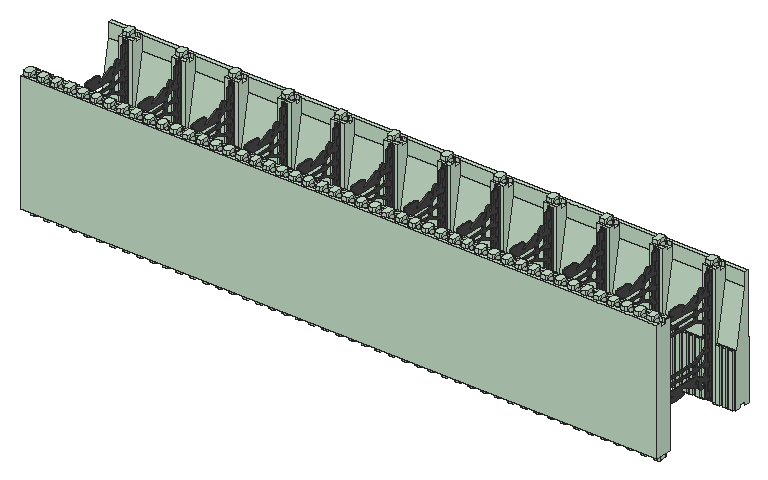
Revit family (continued)
Forms (mm)
  Extrusion 114, void
    sketch origin (2184.4, 0.015, 0) x (1, 0, 0) y (0, 1, 0)
      loop
        arc (25.4, 101.014) -> (26.615, 97.278) -> (29.796, 94.972) r 6.35
        arc (29.796, 94.972) -> (36.091, 93.737) -> (42.5, 94.024) r 26.988
        arc (42.5, 94.024) -> (43.786, 93.668) -> (44.346, 92.457) r 1.587
        line (44.346, 92.457) -> (44.346, 86.829) -> (48.685, 86.829) -> (48.685, 95.62)
        arc (48.685, 95.62) -> (48.795, 96.199) -> (49.108, 96.698) r 1.588
        arc (49.108, 96.698) -> (50.362, 98.696) -> (50.8, 101.014) r 6.35
        line (50.8, 101.014) -> (50.8, 124.411)
        arc (50.8, 124.411) -> (49.585, 128.147) -> (46.404, 130.453) r 6.35
        arc (46.404, 130.453) -> (38.1, 131.763) -> (29.796, 130.453) r 26.987
        arc (29.796, 130.453) -> (26.615, 128.147) -> (25.4, 124.411) r 6.35
    from 0 to 12.7
  Extrusion 115, void
    sketch origin (2133.6, 0.015, 0) x (1, 0, 0) y (0, 1, 0)
      loop
        line (25.4, 124.411) -> (25.4, 101.014)
        arc (25.4, 101.014) -> (26.615, 97.278) -> (29.796, 94.972) r 6.35
        arc (29.796, 94.972) -> (36.091, 93.737) -> (42.5, 94.024) r 26.988
        arc (42.5, 94.024) -> (43.786, 93.668) -> (44.346, 92.457) r 1.587
        line (44.346, 92.457) -> (44.346, 86.829) -> (48.685, 86.829) -> (48.685, 95.62)
        arc (48.685, 95.62) -> (48.795, 96.199) -> (49.108, 96.698) r 1.588
        arc (49.108, 96.698) -> (50.362, 98.696) -> (50.8, 101.014) r 6.35
        line (50.8, 101.014) -> (50.8, 124.411)
        arc (50.8, 124.411) -> (49.585, 128.147) -> (46.404, 130.453) r 6.35
        arc (46.404, 130.453) -> (38.1, 131.763) -> (29.796, 130.453) r 26.987
        arc (29.796, 130.453) -> (26.615, 128.147) -> (25.4, 124.411) r 6.35
    from 0 to 12.7
  Extrusion 116, void
    sketch origin (2082.8, 0.015, 0) x (1, 0, 0) y (0, 1, 0)
      loop
        line (25.4, 124.411) -> (25.4, 101.014)
        arc (25.4, 101.014) -> (26.615, 97.278) -> (29.796, 94.972) r 6.35
        arc (29.796, 94.972) -> (36.091, 93.737) -> (42.5, 94.024) r 26.988
        arc (42.5, 94.024) -> (43.786, 93.668) -> (44.346, 92.457) r 1.587
        line (44.346, 92.457) -> (44.346, 86.829) -> (48.685, 86.829) -> (48.685, 95.62)
        arc (48.685, 95.62) -> (48.795, 96.199) -> (49.108, 96.698) r 1.588
        arc (49.108, 96.698) -> (50.362, 98.696) -> (50.8, 101.014) r 6.35
        line (50.8, 101.014) -> (50.8, 124.411)
        arc (50.8, 124.411) -> (49.585, 128.147) -> (46.404, 130.453) r 6.35
        arc (46.404, 130.453) -> (38.1, 131.763) -> (29.796, 130.453) r 26.987
        arc (29.796, 130.453) -> (26.615, 128.147) -> (25.4, 124.411) r 6.35
    from 0 to 12.7
  Extrusion 117, void
    sketch origin (2032, 0.015, 0) x (1, 0, 0) y (0, 1, 0)
      loop
        line (25.4, 124.411) -> (25.4, 101.014)
        arc (25.4, 101.014) -> (26.615, 97.278) -> (29.796, 94.972) r 6.35
        arc (29.796, 94.972) -> (36.091, 93.737) -> (42.5, 94.024) r 26.988
        arc (42.5, 94.024) -> (43.786, 93.668) -> (44.346, 92.457) r 1.587
        line (44.346, 92.457) -> (44.346, 86.829) -> (48.685, 86.829) -> (48.685, 95.62)
        arc (48.685, 95.62) -> (48.795, 96.199) -> (49.108, 96.698) r 1.588
        arc (49.108, 96.698) -> (50.362, 98.696) -> (50.8, 101.014) r 6.35
        line (50.8, 101.014) -> (50.8, 124.411)
        arc (50.8, 124.411) -> (49.585, 128.147) -> (46.404, 130.453) r 6.35
        arc (46.404, 130.453) -> (38.1, 131.763) -> (29.796, 130.453) r 26.987
        arc (29.796, 130.453) -> (26.615, 128.147) -> (25.4, 124.411) r 6.35
    from 0 to 12.7
  Extrusion 118, void
    sketch origin (1981.2, 0.015, 0) x (1, 0, 0) y (0, 1, 0)
      loop
        line (25.4, 124.411) -> (25.4, 101.014)
        arc (25.4, 101.014) -> (26.615, 97.278) -> (29.796, 94.972) r 6.35
        arc (29.796, 94.972) -> (36.091, 93.737) -> (42.5, 94.024) r 26.988
        arc (42.5, 94.024) -> (43.786, 93.668) -> (44.346, 92.457) r 1.587
        line (44.346, 92.457) -> (44.346, 86.829) -> (48.685, 86.829) -> (48.685, 95.62)
        arc (48.685, 95.62) -> (48.795, 96.199) -> (49.108, 96.698) r 1.588
        arc (49.108, 96.698) -> (50.362, 98.696) -> (50.8, 101.014) r 6.35
        line (50.8, 101.014) -> (50.8, 124.411)
        arc (50.8, 124.411) -> (49.585, 128.147) -> (46.404, 130.453) r 6.35
        arc (46.404, 130.453) -> (38.1, 131.763) -> (29.796, 130.453) r 26.987
        arc (29.796, 130.453) -> (26.615, 128.147) -> (25.4, 124.411) r 6.35
    from 0 to 12.7
  Extrusion 119, void
    sketch origin (1930.4, 0.015, 0) x (1, 0, 0) y (0, 1, 0)
      loop
        line (25.4, 124.411) -> (25.4, 101.014)
        arc (25.4, 101.014) -> (26.615, 97.278) -> (29.796, 94.972) r 6.35
        arc (29.796, 94.972) -> (36.091, 93.737) -> (42.5, 94.024) r 26.988
        arc (42.5, 94.024) -> (43.786, 93.668) -> (44.346, 92.457) r 1.587
        line (44.346, 92.457) -> (44.346, 86.829) -> (48.685, 86.829) -> (48.685, 95.62)
        arc (48.685, 95.62) -> (48.795, 96.199) -> (49.108, 96.698) r 1.588
        arc (49.108, 96.698) -> (50.362, 98.696) -> (50.8, 101.014) r 6.35
        line (50.8, 101.014) -> (50.8, 124.411)
        arc (50.8, 124.411) -> (49.585, 128.147) -> (46.404, 130.453) r 6.35
        arc (46.404, 130.453) -> (38.1, 131.763) -> (29.796, 130.453) r 26.987
        arc (29.796, 130.453) -> (26.615, 128.147) -> (25.4, 124.411) r 6.35
    from 0 to 12.7
  Extrusion 120, void
    sketch origin (1879.6, 0.015, 0) x (1, 0, 0) y (0, 1, 0)
      loop
        line (25.4, 124.411) -> (25.4, 101.014)
        arc (25.4, 101.014) -> (26.615, 97.278) -> (29.796, 94.972) r 6.35
        arc (29.796, 94.972) -> (36.091, 93.737) -> (42.5, 94.024) r 26.988
        arc (42.5, 94.024) -> (43.786, 93.668) -> (44.346, 92.457) r 1.587
        line (44.346, 92.457) -> (44.346, 86.829) -> (48.685, 86.829) -> (48.685, 95.62)
        arc (48.685, 95.62) -> (48.795, 96.199) -> (49.108, 96.698) r 1.588
        arc (49.108, 96.698) -> (50.362, 98.696) -> (50.8, 101.014) r 6.35
        line (50.8, 101.014) -> (50.8, 124.411)
        arc (50.8, 124.411) -> (49.585, 128.147) -> (46.404, 130.453) r 6.35
        arc (46.404, 130.453) -> (38.1, 131.763) -> (29.796, 130.453) r 26.987
        arc (29.796, 130.453) -> (26.615, 128.147) -> (25.4, 124.411) r 6.35
    from 0 to 12.7
  Extrusion 121, void
    sketch origin (1828.8, 0.015, 0) x (1, 0, 0) y (0, 1, 0)
      loop
        line (25.4, 124.411) -> (25.4, 101.014)
        arc (25.4, 101.014) -> (26.615, 97.278) -> (29.796, 94.972) r 6.35
        arc (29.796, 94.972) -> (36.091, 93.737) -> (42.5, 94.024) r 26.988
        arc (42.5, 94.024) -> (43.786, 93.668) -> (44.346, 92.457) r 1.587
        line (44.346, 92.457) -> (44.346, 86.829) -> (48.685, 86.829) -> (48.685, 95.62)
        arc (48.685, 95.62) -> (48.795, 96.199) -> (49.108, 96.698) r 1.588
        arc (49.108, 96.698) -> (50.362, 98.696) -> (50.8, 101.014) r 6.35
        line (50.8, 101.014) -> (50.8, 124.411)
        arc (50.8, 124.411) -> (49.585, 128.147) -> (46.404, 130.453) r 6.35
        arc (46.404, 130.453) -> (38.1, 131.763) -> (29.796, 130.453) r 26.987
        arc (29.796, 130.453) -> (26.615, 128.147) -> (25.4, 124.411) r 6.35
    from 0 to 12.7
  Extrusion 122, void
    sketch origin (1778, 0.015, 0) x (1, 0, 0) y (0, 1, 0)
      loop
        line (25.4, 124.411) -> (25.4, 101.014)
        arc (25.4, 101.014) -> (26.615, 97.278) -> (29.796, 94.972) r 6.35
        arc (29.796, 94.972) -> (36.091, 93.737) -> (42.5, 94.024) r 26.988
        arc (42.5, 94.024) -> (43.786, 93.668) -> (44.346, 92.457) r 1.587
        line (44.346, 92.457) -> (44.346, 86.829) -> (48.685, 86.829) -> (48.685, 95.62)
        arc (48.685, 95.62) -> (48.795, 96.199) -> (49.108, 96.698) r 1.588
        arc (49.108, 96.698) -> (50.362, 98.696) -> (50.8, 101.014) r 6.35
        line (50.8, 101.014) -> (50.8, 124.411)
        arc (50.8, 124.411) -> (49.585, 128.147) -> (46.404, 130.453) r 6.35
        arc (46.404, 130.453) -> (38.1, 131.763) -> (29.796, 130.453) r 26.987
        arc (29.796, 130.453) -> (26.615, 128.147) -> (25.4, 124.411) r 6.35
    from 0 to 12.7
  Extrusion 123, void
    sketch origin (1727.2, 0.015, 0) x (1, 0, 0) y (0, 1, 0)
      loop
        line (25.4, 124.411) -> (25.4, 101.014)
        arc (25.4, 101.014) -> (26.615, 97.278) -> (29.796, 94.972) r 6.35
        arc (29.796, 94.972) -> (36.091, 93.737) -> (42.5, 94.024) r 26.988
        arc (42.5, 94.024) -> (43.786, 93.668) -> (44.346, 92.457) r 1.587
        line (44.346, 92.457) -> (44.346, 86.829) -> (48.685, 86.829) -> (48.685, 95.62)
        arc (48.685, 95.62) -> (48.795, 96.199) -> (49.108, 96.698) r 1.588
        arc (49.108, 96.698) -> (50.362, 98.696) -> (50.8, 101.014) r 6.35
        line (50.8, 101.014) -> (50.8, 124.411)
        arc (50.8, 124.411) -> (49.585, 128.147) -> (46.404, 130.453) r 6.35
        arc (46.404, 130.453) -> (38.1, 131.763) -> (29.796, 130.453) r 26.987
        arc (29.796, 130.453) -> (26.615, 128.147) -> (25.4, 124.411) r 6.35
    from 0 to 12.7
  Extrusion 124, void
    sketch origin (1676.4, 0.015, 0) x (1, 0, 0) y (0, 1, 0)
      loop
        line (25.4, 124.411) -> (25.4, 101.014)
        arc (25.4, 101.014) -> (26.615, 97.278) -> (29.796, 94.972) r 6.35
        arc (29.796, 94.972) -> (36.091, 93.737) -> (42.5, 94.024) r 26.988
        arc (42.5, 94.024) -> (43.786, 93.668) -> (44.346, 92.457) r 1.587
        line (44.346, 92.457) -> (44.346, 86.829) -> (48.685, 86.829) -> (48.685, 95.62)
        arc (48.685, 95.62) -> (48.795, 96.199) -> (49.108, 96.698) r 1.588
        arc (49.108, 96.698) -> (50.362, 98.696) -> (50.8, 101.014) r 6.35
        line (50.8, 101.014) -> (50.8, 124.411)
        arc (50.8, 124.411) -> (49.585, 128.147) -> (46.404, 130.453) r 6.35
        arc (46.404, 130.453) -> (38.1, 131.763) -> (29.796, 130.453) r 26.987
        arc (29.796, 130.453) -> (26.615, 128.147) -> (25.4, 124.411) r 6.35
    from 0 to 12.7
  Extrusion 125, void
    sketch origin (1625.6, 0.015, 0) x (1, 0, 0) y (0, 1, 0)
      loop
        line (25.4, 124.411) -> (25.4, 101.014)
        arc (25.4, 101.014) -> (26.615, 97.278) -> (29.796, 94.972) r 6.35
        arc (29.796, 94.972) -> (36.091, 93.737) -> (42.5, 94.024) r 26.988
        arc (42.5, 94.024) -> (43.786, 93.668) -> (44.346, 92.457) r 1.587
        line (44.346, 92.457) -> (44.346, 86.829) -> (48.685, 86.829) -> (48.685, 95.62)
        arc (48.685, 95.62) -> (48.795, 96.199) -> (49.108, 96.698) r 1.588
        arc (49.108, 96.698) -> (50.362, 98.696) -> (50.8, 101.014) r 6.35
        line (50.8, 101.014) -> (50.8, 124.411)
        arc (50.8, 124.411) -> (49.585, 128.147) -> (46.404, 130.453) r 6.35
        arc (46.404, 130.453) -> (38.1, 131.763) -> (29.796, 130.453) r 26.987
        arc (29.796, 130.453) -> (26.615, 128.147) -> (25.4, 124.411) r 6.35
    from 0 to 12.7
  Extrusion 126, void
    sketch origin (1574.8, 0.015, 0) x (1, 0, 0) y (0, 1, 0)
      loop
        line (25.4, 124.411) -> (25.4, 101.014)
        arc (25.4, 101.014) -> (26.615, 97.278) -> (29.796, 94.972) r 6.35
        arc (29.796, 94.972) -> (36.091, 93.737) -> (42.5, 94.024) r 26.988
        arc (42.5, 94.024) -> (43.786, 93.668) -> (44.346, 92.457) r 1.587
        line (44.346, 92.457) -> (44.346, 86.829) -> (48.685, 86.829) -> (48.685, 95.62)
        arc (48.685, 95.62) -> (48.795, 96.199) -> (49.108, 96.698) r 1.588
        arc (49.108, 96.698) -> (50.362, 98.696) -> (50.8, 101.014) r 6.35
        line (50.8, 101.014) -> (50.8, 124.411)
        arc (50.8, 124.411) -> (49.585, 128.147) -> (46.404, 130.453) r 6.35
        arc (46.404, 130.453) -> (38.1, 131.763) -> (29.796, 130.453) r 26.987
        arc (29.796, 130.453) -> (26.615, 128.147) -> (25.4, 124.411) r 6.35
    from 0 to 12.7
  Extrusion 127, void
    sketch origin (1524, 0.015, 0) x (1, 0, 0) y (0, 1, 0)
      loop
        line (25.4, 124.411) -> (25.4, 101.014)
        arc (25.4, 101.014) -> (26.615, 97.278) -> (29.796, 94.972) r 6.35
        arc (29.796, 94.972) -> (36.091, 93.737) -> (42.5, 94.024) r 26.988
        arc (42.5, 94.024) -> (43.786, 93.668) -> (44.346, 92.457) r 1.587
        line (44.346, 92.457) -> (44.346, 86.829) -> (48.685, 86.829) -> (48.685, 95.62)
        arc (48.685, 95.62) -> (48.795, 96.199) -> (49.108, 96.698) r 1.588
        arc (49.108, 96.698) -> (50.362, 98.696) -> (50.8, 101.014) r 6.35
        line (50.8, 101.014) -> (50.8, 124.411)
        arc (50.8, 124.411) -> (49.585, 128.147) -> (46.404, 130.453) r 6.35
        arc (46.404, 130.453) -> (38.1, 131.763) -> (29.796, 130.453) r 26.987
        arc (29.796, 130.453) -> (26.615, 128.147) -> (25.4, 124.411) r 6.35
    from 0 to 12.7
  Extrusion 128, void
    sketch origin (1473.2, 0.015, 0) x (1, 0, 0) y (0, 1, 0)
      loop
        line (25.4, 124.411) -> (25.4, 101.014)
        arc (25.4, 101.014) -> (26.615, 97.278) -> (29.796, 94.972) r 6.35
        arc (29.796, 94.972) -> (36.091, 93.737) -> (42.5, 94.024) r 26.988
        arc (42.5, 94.024) -> (43.786, 93.668) -> (44.346, 92.457) r 1.587
        line (44.346, 92.457) -> (44.346, 86.829) -> (48.685, 86.829) -> (48.685, 95.62)
        arc (48.685, 95.62) -> (48.795, 96.199) -> (49.108, 96.698) r 1.588
        arc (49.108, 96.698) -> (50.362, 98.696) -> (50.8, 101.014) r 6.35
        line (50.8, 101.014) -> (50.8, 124.411)
        arc (50.8, 124.411) -> (49.585, 128.147) -> (46.404, 130.453) r 6.35
        arc (46.404, 130.453) -> (38.1, 131.763) -> (29.796, 130.453) r 26.987
        arc (29.796, 130.453) -> (26.615, 128.147) -> (25.4, 124.411) r 6.35
    from 0 to 12.7
  Extrusion 129, void
    sketch origin (1422.4, 0.015, 0) x (1, 0, 0) y (0, 1, 0)
      loop
        line (25.4, 124.411) -> (25.4, 101.014)
        arc (25.4, 101.014) -> (26.615, 97.278) -> (29.796, 94.972) r 6.35
        arc (29.796, 94.972) -> (36.091, 93.737) -> (42.5, 94.024) r 26.988
        arc (42.5, 94.024) -> (43.786, 93.668) -> (44.346, 92.457) r 1.587
        line (44.346, 92.457) -> (44.346, 86.829) -> (48.685, 86.829) -> (48.685, 95.62)
        arc (48.685, 95.62) -> (48.795, 96.199) -> (49.108, 96.698) r 1.588
        arc (49.108, 96.698) -> (50.362, 98.696) -> (50.8, 101.014) r 6.35
        line (50.8, 101.014) -> (50.8, 124.411)
        arc (50.8, 124.411) -> (49.585, 128.147) -> (46.404, 130.453) r 6.35
        arc (46.404, 130.453) -> (38.1, 131.763) -> (29.796, 130.453) r 26.987
        arc (29.796, 130.453) -> (26.615, 128.147) -> (25.4, 124.411) r 6.35
    from 0 to 12.7
  Extrusion 130, void
    sketch origin (1371.6, 0.015, 0) x (1, 0, 0) y (0, 1, 0)
      loop
        line (25.4, 124.411) -> (25.4, 101.014)
        arc (25.4, 101.014) -> (26.615, 97.278) -> (29.796, 94.972) r 6.35
        arc (29.796, 94.972) -> (36.091, 93.737) -> (42.5, 94.024) r 26.988
        arc (42.5, 94.024) -> (43.786, 93.668) -> (44.346, 92.457) r 1.587
        line (44.346, 92.457) -> (44.346, 86.829) -> (48.685, 86.829) -> (48.685, 95.62)
        arc (48.685, 95.62) -> (48.795, 96.199) -> (49.108, 96.698) r 1.588
        arc (49.108, 96.698) -> (50.362, 98.696) -> (50.8, 101.014) r 6.35
        line (50.8, 101.014) -> (50.8, 124.411)
        arc (50.8, 124.411) -> (49.585, 128.147) -> (46.404, 130.453) r 6.35
        arc (46.404, 130.453) -> (38.1, 131.763) -> (29.796, 130.453) r 26.987
        arc (29.796, 130.453) -> (26.615, 128.147) -> (25.4, 124.411) r 6.35
    from 0 to 12.7
  Extrusion 131, void
    sketch origin (1320.8, 0.015, 0) x (1, 0, 0) y (0, 1, 0)
      loop
        line (25.4, 124.411) -> (25.4, 101.014)
        arc (25.4, 101.014) -> (26.615, 97.278) -> (29.796, 94.972) r 6.35
        arc (29.796, 94.972) -> (36.091, 93.737) -> (42.5, 94.024) r 26.988
        arc (42.5, 94.024) -> (43.786, 93.668) -> (44.346, 92.457) r 1.587
        line (44.346, 92.457) -> (44.346, 86.829) -> (48.685, 86.829) -> (48.685, 95.62)
        arc (48.685, 95.62) -> (48.795, 96.199) -> (49.108, 96.698) r 1.588
        arc (49.108, 96.698) -> (50.362, 98.696) -> (50.8, 101.014) r 6.35
        line (50.8, 101.014) -> (50.8, 124.411)
        arc (50.8, 124.411) -> (49.585, 128.147) -> (46.404, 130.453) r 6.35
        arc (46.404, 130.453) -> (38.1, 131.763) -> (29.796, 130.453) r 26.987
        arc (29.796, 130.453) -> (26.615, 128.147) -> (25.4, 124.411) r 6.35
    from 0 to 12.7
  Extrusion 132, void
    sketch origin (1270, 0.015, 0) x (1, 0, 0) y (0, 1, 0)
      loop
        line (25.4, 124.411) -> (25.4, 101.014)
        arc (25.4, 101.014) -> (26.615, 97.278) -> (29.796, 94.972) r 6.35
        arc (29.796, 94.972) -> (36.091, 93.737) -> (42.5, 94.024) r 26.988
        arc (42.5, 94.024) -> (43.786, 93.668) -> (44.346, 92.457) r 1.587
        line (44.346, 92.457) -> (44.346, 86.829) -> (48.685, 86.829) -> (48.685, 95.62)
        arc (48.685, 95.62) -> (48.795, 96.199) -> (49.108, 96.698) r 1.588
        arc (49.108, 96.698) -> (50.362, 98.696) -> (50.8, 101.014) r 6.35
        line (50.8, 101.014) -> (50.8, 124.411)
        arc (50.8, 124.411) -> (49.585, 128.147) -> (46.404, 130.453) r 6.35
        arc (46.404, 130.453) -> (38.1, 131.763) -> (29.796, 130.453) r 26.987
        arc (29.796, 130.453) -> (26.615, 128.147) -> (25.4, 124.411) r 6.35
    from 0 to 12.7
  Extrusion 133, void
    sketch origin (1219.2, 0.015, 0) x (1, 0, 0) y (0, 1, 0)
      loop
        line (25.4, 124.411) -> (25.4, 101.014)
        arc (25.4, 101.014) -> (26.615, 97.278) -> (29.796, 94.972) r 6.35
        arc (29.796, 94.972) -> (36.091, 93.737) -> (42.5, 94.024) r 26.988
        arc (42.5, 94.024) -> (43.786, 93.668) -> (44.346, 92.457) r 1.587
        line (44.346, 92.457) -> (44.346, 86.829) -> (48.685, 86.829) -> (48.685, 95.62)
        arc (48.685, 95.62) -> (48.795, 96.199) -> (49.108, 96.698) r 1.588
        arc (49.108, 96.698) -> (50.362, 98.696) -> (50.8, 101.014) r 6.35
        line (50.8, 101.014) -> (50.8, 124.411)
        arc (50.8, 124.411) -> (49.585, 128.147) -> (46.404, 130.453) r 6.35
        arc (46.404, 130.453) -> (38.1, 131.763) -> (29.796, 130.453) r 26.987
        arc (29.796, 130.453) -> (26.615, 128.147) -> (25.4, 124.411) r 6.35
    from 0 to 12.7
  Extrusion 134, void
    sketch origin (1168.4, 0.015, 0) x (1, 0, 0) y (0, 1, 0)
      loop
        line (25.4, 124.411) -> (25.4, 101.014)
        arc (25.4, 101.014) -> (26.615, 97.278) -> (29.796, 94.972) r 6.35
        arc (29.796, 94.972) -> (36.091, 93.737) -> (42.5, 94.024) r 26.988
        arc (42.5, 94.024) -> (43.786, 93.668) -> (44.346, 92.457) r 1.587
        line (44.346, 92.457) -> (44.346, 86.829) -> (48.685, 86.829) -> (48.685, 95.62)
        arc (48.685, 95.62) -> (48.795, 96.199) -> (49.108, 96.698) r 1.588
        arc (49.108, 96.698) -> (50.362, 98.696) -> (50.8, 101.014) r 6.35
        line (50.8, 101.014) -> (50.8, 124.411)
        arc (50.8, 124.411) -> (49.585, 128.147) -> (46.404, 130.453) r 6.35
        arc (46.404, 130.453) -> (38.1, 131.763) -> (29.796, 130.453) r 26.987
        arc (29.796, 130.453) -> (26.615, 128.147) -> (25.4, 124.411) r 6.35
    from 0 to 12.7
  Extrusion 135, void
    sketch origin (1117.6, 0.015, 0) x (1, 0, 0) y (0, 1, 0)
      loop
        line (25.4, 124.411) -> (25.4, 101.014)
        arc (25.4, 101.014) -> (26.615, 97.278) -> (29.796, 94.972) r 6.35
        arc (29.796, 94.972) -> (36.091, 93.737) -> (42.5, 94.024) r 26.988
        arc (42.5, 94.024) -> (43.786, 93.668) -> (44.346, 92.457) r 1.587
        line (44.346, 92.457) -> (44.346, 86.829) -> (48.685, 86.829) -> (48.685, 95.62)
        arc (48.685, 95.62) -> (48.795, 96.199) -> (49.108, 96.698) r 1.588
        arc (49.108, 96.698) -> (50.362, 98.696) -> (50.8, 101.014) r 6.35
        line (50.8, 101.014) -> (50.8, 124.411)
        arc (50.8, 124.411) -> (49.585, 128.147) -> (46.404, 130.453) r 6.35
        arc (46.404, 130.453) -> (38.1, 131.763) -> (29.796, 130.453) r 26.987
        arc (29.796, 130.453) -> (26.615, 128.147) -> (25.4, 124.411) r 6.35
    from 0 to 12.7
  Extrusion 136, void
    sketch origin (1066.8, 0.015, 0) x (1, 0, 0) y (0, 1, 0)
      loop
        line (25.4, 124.411) -> (25.4, 101.014)
        arc (25.4, 101.014) -> (26.615, 97.278) -> (29.796, 94.972) r 6.35
        arc (29.796, 94.972) -> (36.091, 93.737) -> (42.5, 94.024) r 26.988
        arc (42.5, 94.024) -> (43.786, 93.668) -> (44.346, 92.457) r 1.587
        line (44.346, 92.457) -> (44.346, 86.829) -> (48.685, 86.829) -> (48.685, 95.62)
        arc (48.685, 95.62) -> (48.795, 96.199) -> (49.108, 96.698) r 1.588
        arc (49.108, 96.698) -> (50.362, 98.696) -> (50.8, 101.014) r 6.35
        line (50.8, 101.014) -> (50.8, 124.411)
        arc (50.8, 124.411) -> (49.585, 128.147) -> (46.404, 130.453) r 6.35
        arc (46.404, 130.453) -> (38.1, 131.763) -> (29.796, 130.453) r 26.987
        arc (29.796, 130.453) -> (26.615, 128.147) -> (25.4, 124.411) r 6.35
    from 0 to 12.7
  Extrusion 137, void
    sketch origin (1016, 0.015, 0) x (1, 0, 0) y (0, 1, 0)
      loop
        line (25.4, 124.411) -> (25.4, 101.014)
        arc (25.4, 101.014) -> (26.615, 97.278) -> (29.796, 94.972) r 6.35
        arc (29.796, 94.972) -> (36.091, 93.737) -> (42.5, 94.024) r 26.988
        arc (42.5, 94.024) -> (43.786, 93.668) -> (44.346, 92.457) r 1.587
        line (44.346, 92.457) -> (44.346, 86.829) -> (48.685, 86.829) -> (48.685, 95.62)
        arc (48.685, 95.62) -> (48.795, 96.199) -> (49.108, 96.698) r 1.588
        arc (49.108, 96.698) -> (50.362, 98.696) -> (50.8, 101.014) r 6.35
        line (50.8, 101.014) -> (50.8, 124.411)
        arc (50.8, 124.411) -> (49.585, 128.147) -> (46.404, 130.453) r 6.35
        arc (46.404, 130.453) -> (38.1, 131.763) -> (29.796, 130.453) r 26.987
        arc (29.796, 130.453) -> (26.615, 128.147) -> (25.4, 124.411) r 6.35
    from 0 to 12.7
  Extrusion 138, void
    sketch origin (965.2, 0.015, 0) x (1, 0, 0) y (0, 1, 0)
      loop
        line (25.4, 124.411) -> (25.4, 101.014)
        arc (25.4, 101.014) -> (26.615, 97.278) -> (29.796, 94.972) r 6.35
        arc (29.796, 94.972) -> (36.091, 93.737) -> (42.5, 94.024) r 26.988
        arc (42.5, 94.024) -> (43.786, 93.668) -> (44.346, 92.457) r 1.587
        line (44.346, 92.457) -> (44.346, 86.829) -> (48.685, 86.829) -> (48.685, 95.62)
        arc (48.685, 95.62) -> (48.795, 96.199) -> (49.108, 96.698) r 1.588
        arc (49.108, 96.698) -> (50.362, 98.696) -> (50.8, 101.014) r 6.35
        line (50.8, 101.014) -> (50.8, 124.411)
        arc (50.8, 124.411) -> (49.585, 128.147) -> (46.404, 130.453) r 6.35
        arc (46.404, 130.453) -> (38.1, 131.763) -> (29.796, 130.453) r 26.987
        arc (29.796, 130.453) -> (26.615, 128.147) -> (25.4, 124.411) r 6.35
    from 0 to 12.7
  Extrusion 139, void
    sketch origin (914.4, 0.015, 0) x (1, 0, 0) y (0, 1, 0)
      loop
        line (25.4, 124.411) -> (25.4, 101.014)
        arc (25.4, 101.014) -> (26.615, 97.278) -> (29.796, 94.972) r 6.35
        arc (29.796, 94.972) -> (36.091, 93.737) -> (42.5, 94.024) r 26.988
        arc (42.5, 94.024) -> (43.786, 93.668) -> (44.346, 92.457) r 1.587
        line (44.346, 92.457) -> (44.346, 86.829) -> (48.685, 86.829) -> (48.685, 95.62)
        arc (48.685, 95.62) -> (48.795, 96.199) -> (49.108, 96.698) r 1.588
        arc (49.108, 96.698) -> (50.362, 98.696) -> (50.8, 101.014) r 6.35
        line (50.8, 101.014) -> (50.8, 124.411)
        arc (50.8, 124.411) -> (49.585, 128.147) -> (46.404, 130.453) r 6.35
        arc (46.404, 130.453) -> (38.1, 131.763) -> (29.796, 130.453) r 26.987
        arc (29.796, 130.453) -> (26.615, 128.147) -> (25.4, 124.411) r 6.35
    from 0 to 12.7
  Extrusion 140, void
    sketch origin (863.6, 0.015, 0) x (1, 0, 0) y (0, 1, 0)
      loop
        line (25.4, 124.411) -> (25.4, 101.014)
        arc (25.4, 101.014) -> (26.615, 97.278) -> (29.796, 94.972) r 6.35
        arc (29.796, 94.972) -> (36.091, 93.737) -> (42.5, 94.024) r 26.988
        arc (42.5, 94.024) -> (43.786, 93.668) -> (44.346, 92.457) r 1.587
        line (44.346, 92.457) -> (44.346, 86.829) -> (48.685, 86.829) -> (48.685, 95.62)
        arc (48.685, 95.62) -> (48.795, 96.199) -> (49.108, 96.698) r 1.588
        arc (49.108, 96.698) -> (50.362, 98.696) -> (50.8, 101.014) r 6.35
        line (50.8, 101.014) -> (50.8, 124.411)
        arc (50.8, 124.411) -> (49.585, 128.147) -> (46.404, 130.453) r 6.35
        arc (46.404, 130.453) -> (38.1, 131.763) -> (29.796, 130.453) r 26.987
        arc (29.796, 130.453) -> (26.615, 128.147) -> (25.4, 124.411) r 6.35
    from 0 to 12.7
  Extrusion 141, void
    sketch origin (812.8, 0.015, 0) x (1, 0, 0) y (0, 1, 0)
      loop
        line (25.4, 124.411) -> (25.4, 101.014)
        arc (25.4, 101.014) -> (26.615, 97.278) -> (29.796, 94.972) r 6.35
        arc (29.796, 94.972) -> (36.091, 93.737) -> (42.5, 94.024) r 26.988
        arc (42.5, 94.024) -> (43.786, 93.668) -> (44.346, 92.457) r 1.587
        line (44.346, 92.457) -> (44.346, 86.829) -> (48.685, 86.829) -> (48.685, 95.62)
        arc (48.685, 95.62) -> (48.795, 96.199) -> (49.108, 96.698) r 1.588
        arc (49.108, 96.698) -> (50.362, 98.696) -> (50.8, 101.014) r 6.35
        line (50.8, 101.014) -> (50.8, 124.411)
        arc (50.8, 124.411) -> (49.585, 128.147) -> (46.404, 130.453) r 6.35
        arc (46.404, 130.453) -> (38.1, 131.763) -> (29.796, 130.453) r 26.987
        arc (29.796, 130.453) -> (26.615, 128.147) -> (25.4, 124.411) r 6.35
    from 0 to 12.7
  Extrusion 142, void
    sketch origin (762, 0.015, 0) x (1, 0, 0) y (0, 1, 0)
      loop
        line (25.4, 124.411) -> (25.4, 101.014)
        arc (25.4, 101.014) -> (26.615, 97.278) -> (29.796, 94.972) r 6.35
        arc (29.796, 94.972) -> (36.091, 93.737) -> (42.5, 94.024) r 26.988
        arc (42.5, 94.024) -> (43.786, 93.668) -> (44.346, 92.457) r 1.587
        line (44.346, 92.457) -> (44.346, 86.829) -> (48.685, 86.829) -> (48.685, 95.62)
        arc (48.685, 95.62) -> (48.795, 96.199) -> (49.108, 96.698) r 1.588
        arc (49.108, 96.698) -> (50.362, 98.696) -> (50.8, 101.014) r 6.35
        line (50.8, 101.014) -> (50.8, 124.411)
        arc (50.8, 124.411) -> (49.585, 128.147) -> (46.404, 130.453) r 6.35
        arc (46.404, 130.453) -> (38.1, 131.763) -> (29.796, 130.453) r 26.987
        arc (29.796, 130.453) -> (26.615, 128.147) -> (25.4, 124.411) r 6.35
    from 0 to 12.7
  Extrusion 143, void
    sketch origin (711.2, 0.015, 0) x (1, 0, 0) y (0, 1, 0)
      loop
        line (25.4, 124.411) -> (25.4, 101.014)
        arc (25.4, 101.014) -> (26.615, 97.278) -> (29.796, 94.972) r 6.35
        arc (29.796, 94.972) -> (36.091, 93.737) -> (42.5, 94.024) r 26.988
        arc (42.5, 94.024) -> (43.786, 93.668) -> (44.346, 92.457) r 1.587
        line (44.346, 92.457) -> (44.346, 86.829) -> (48.685, 86.829) -> (48.685, 95.62)
        arc (48.685, 95.62) -> (48.795, 96.199) -> (49.108, 96.698) r 1.588
        arc (49.108, 96.698) -> (50.362, 98.696) -> (50.8, 101.014) r 6.35
        line (50.8, 101.014) -> (50.8, 124.411)
        arc (50.8, 124.411) -> (49.585, 128.147) -> (46.404, 130.453) r 6.35
        arc (46.404, 130.453) -> (38.1, 131.763) -> (29.796, 130.453) r 26.987
        arc (29.796, 130.453) -> (26.615, 128.147) -> (25.4, 124.411) r 6.35
    from 0 to 12.7
  Extrusion 144, void
    sketch origin (660.4, 0.015, 0) x (1, 0, 0) y (0, 1, 0)
      loop
        line (25.4, 124.411) -> (25.4, 101.014)
        arc (25.4, 101.014) -> (26.615, 97.278) -> (29.796, 94.972) r 6.35
        arc (29.796, 94.972) -> (36.091, 93.737) -> (42.5, 94.024) r 26.988
        arc (42.5, 94.024) -> (43.786, 93.668) -> (44.346, 92.457) r 1.587
        line (44.346, 92.457) -> (44.346, 86.829) -> (48.685, 86.829) -> (48.685, 95.62)
        arc (48.685, 95.62) -> (48.795, 96.199) -> (49.108, 96.698) r 1.588
        arc (49.108, 96.698) -> (50.362, 98.696) -> (50.8, 101.014) r 6.35
        line (50.8, 101.014) -> (50.8, 124.411)
        arc (50.8, 124.411) -> (49.585, 128.147) -> (46.404, 130.453) r 6.35
        arc (46.404, 130.453) -> (38.1, 131.763) -> (29.796, 130.453) r 26.987
        arc (29.796, 130.453) -> (26.615, 128.147) -> (25.4, 124.411) r 6.35
    from 0 to 12.7
  Extrusion 145, void
    sketch origin (609.6, 0.015, 0) x (1, 0, 0) y (0, 1, 0)
      loop
        line (25.4, 124.411) -> (25.4, 101.014)
        arc (25.4, 101.014) -> (26.615, 97.278) -> (29.796, 94.972) r 6.35
        arc (29.796, 94.972) -> (36.091, 93.737) -> (42.5, 94.024) r 26.988
        arc (42.5, 94.024) -> (43.786, 93.668) -> (44.346, 92.457) r 1.587
        line (44.346, 92.457) -> (44.346, 86.829) -> (48.685, 86.829) -> (48.685, 95.62)
        arc (48.685, 95.62) -> (48.795, 96.199) -> (49.108, 96.698) r 1.588
        arc (49.108, 96.698) -> (50.362, 98.696) -> (50.8, 101.014) r 6.35
        line (50.8, 101.014) -> (50.8, 124.411)
        arc (50.8, 124.411) -> (49.585, 128.147) -> (46.404, 130.453) r 6.35
        arc (46.404, 130.453) -> (38.1, 131.763) -> (29.796, 130.453) r 26.987
        arc (29.796, 130.453) -> (26.615, 128.147) -> (25.4, 124.411) r 6.35
    from 0 to 12.7
  Extrusion 146, void
    sketch origin (558.8, 0.015, 0) x (1, 0, 0) y (0, 1, 0)
      loop
        line (25.4, 124.411) -> (25.4, 101.014)
        arc (25.4, 101.014) -> (26.615, 97.278) -> (29.796, 94.972) r 6.35
        arc (29.796, 94.972) -> (36.091, 93.737) -> (42.5, 94.024) r 26.988
        arc (42.5, 94.024) -> (43.786, 93.668) -> (44.346, 92.457) r 1.587
        line (44.346, 92.457) -> (44.346, 86.829) -> (48.685, 86.829) -> (48.685, 95.62)
        arc (48.685, 95.62) -> (48.795, 96.199) -> (49.108, 96.698) r 1.588
        arc (49.108, 96.698) -> (50.362, 98.696) -> (50.8, 101.014) r 6.35
        line (50.8, 101.014) -> (50.8, 124.411)
        arc (50.8, 124.411) -> (49.585, 128.147) -> (46.404, 130.453) r 6.35
        arc (46.404, 130.453) -> (38.1, 131.763) -> (29.796, 130.453) r 26.987
        arc (29.796, 130.453) -> (26.615, 128.147) -> (25.4, 124.411) r 6.35
    from 0 to 12.7
  Extrusion 147, void
    sketch origin (508, 0.015, 0) x (1, 0, 0) y (0, 1, 0)
      loop
        line (25.4, 124.411) -> (25.4, 101.014)
        arc (25.4, 101.014) -> (26.615, 97.278) -> (29.796, 94.972) r 6.35
        arc (29.796, 94.972) -> (36.091, 93.737) -> (42.5, 94.024) r 26.988
        arc (42.5, 94.024) -> (43.786, 93.668) -> (44.346, 92.457) r 1.587
        line (44.346, 92.457) -> (44.346, 86.829) -> (48.685, 86.829) -> (48.685, 95.62)
        arc (48.685, 95.62) -> (48.795, 96.199) -> (49.108, 96.698) r 1.588
        arc (49.108, 96.698) -> (50.362, 98.696) -> (50.8, 101.014) r 6.35
        line (50.8, 101.014) -> (50.8, 124.411)
        arc (50.8, 124.411) -> (49.585, 128.147) -> (46.404, 130.453) r 6.35
        arc (46.404, 130.453) -> (38.1, 131.763) -> (29.796, 130.453) r 26.987
        arc (29.796, 130.453) -> (26.615, 128.147) -> (25.4, 124.411) r 6.35
    from 0 to 12.7
  Extrusion 148, void
    sketch origin (457.2, 0.015, 0) x (1, 0, 0) y (0, 1, 0)
      loop
        line (25.4, 124.411) -> (25.4, 101.014)
        arc (25.4, 101.014) -> (26.615, 97.278) -> (29.796, 94.972) r 6.35
        arc (29.796, 94.972) -> (36.091, 93.737) -> (42.5, 94.024) r 26.988
        arc (42.5, 94.024) -> (43.786, 93.668) -> (44.346, 92.457) r 1.587
        line (44.346, 92.457) -> (44.346, 86.829) -> (48.685, 86.829) -> (48.685, 95.62)
        arc (48.685, 95.62) -> (48.795, 96.199) -> (49.108, 96.698) r 1.588
        arc (49.108, 96.698) -> (50.362, 98.696) -> (50.8, 101.014) r 6.35
        line (50.8, 101.014) -> (50.8, 124.411)
        arc (50.8, 124.411) -> (49.585, 128.147) -> (46.404, 130.453) r 6.35
        arc (46.404, 130.453) -> (38.1, 131.763) -> (29.796, 130.453) r 26.987
        arc (29.796, 130.453) -> (26.615, 128.147) -> (25.4, 124.411) r 6.35
    from 0 to 12.7
  Extrusion 149, void
    sketch origin (406.4, 0.015, 0) x (1, 0, 0) y (0, 1, 0)
      loop
        line (25.4, 124.411) -> (25.4, 101.014)
        arc (25.4, 101.014) -> (26.615, 97.278) -> (29.796, 94.972) r 6.35
        arc (29.796, 94.972) -> (36.091, 93.737) -> (42.5, 94.024) r 26.988
        arc (42.5, 94.024) -> (43.786, 93.668) -> (44.346, 92.457) r 1.587
        line (44.346, 92.457) -> (44.346, 86.829) -> (48.685, 86.829) -> (48.685, 95.62)
        arc (48.685, 95.62) -> (48.795, 96.199) -> (49.108, 96.698) r 1.588
        arc (49.108, 96.698) -> (50.362, 98.696) -> (50.8, 101.014) r 6.35
        line (50.8, 101.014) -> (50.8, 124.411)
        arc (50.8, 124.411) -> (49.585, 128.147) -> (46.404, 130.453) r 6.35
        arc (46.404, 130.453) -> (38.1, 131.763) -> (29.796, 130.453) r 26.987
        arc (29.796, 130.453) -> (26.615, 128.147) -> (25.4, 124.411) r 6.35
    from 0 to 12.7
  Extrusion 150, void
    sketch origin (355.6, 0.015, 0) x (1, 0, 0) y (0, 1, 0)
      loop
        line (25.4, 124.411) -> (25.4, 101.014)
        arc (25.4, 101.014) -> (26.615, 97.278) -> (29.796, 94.972) r 6.35
        arc (29.796, 94.972) -> (36.091, 93.737) -> (42.5, 94.024) r 26.988
        arc (42.5, 94.024) -> (43.786, 93.668) -> (44.346, 92.457) r 1.587
        line (44.346, 92.457) -> (44.346, 86.829) -> (48.685, 86.829) -> (48.685, 95.62)
        arc (48.685, 95.62) -> (48.795, 96.199) -> (49.108, 96.698) r 1.588
        arc (49.108, 96.698) -> (50.362, 98.696) -> (50.8, 101.014) r 6.35
        line (50.8, 101.014) -> (50.8, 124.411)
        arc (50.8, 124.411) -> (49.585, 128.147) -> (46.404, 130.453) r 6.35
        arc (46.404, 130.453) -> (38.1, 131.763) -> (29.796, 130.453) r 26.987
        arc (29.796, 130.453) -> (26.615, 128.147) -> (25.4, 124.411) r 6.35
    from 0 to 12.7
  Extrusion 151, void
    sketch origin (304.8, 0.015, 0) x (1, 0, 0) y (0, 1, 0)
      loop
        line (25.4, 124.411) -> (25.4, 101.014)
        arc (25.4, 101.014) -> (26.615, 97.278) -> (29.796, 94.972) r 6.35
        arc (29.796, 94.972) -> (36.091, 93.737) -> (42.5, 94.024) r 26.988
        arc (42.5, 94.024) -> (43.786, 93.668) -> (44.346, 92.457) r 1.587
        line (44.346, 92.457) -> (44.346, 86.829) -> (48.685, 86.829) -> (48.685, 95.62)
        arc (48.685, 95.62) -> (48.795, 96.199) -> (49.108, 96.698) r 1.588
        arc (49.108, 96.698) -> (50.362, 98.696) -> (50.8, 101.014) r 6.35
        line (50.8, 101.014) -> (50.8, 124.411)
        arc (50.8, 124.411) -> (49.585, 128.147) -> (46.404, 130.453) r 6.35
        arc (46.404, 130.453) -> (38.1, 131.763) -> (29.796, 130.453) r 26.987
        arc (29.796, 130.453) -> (26.615, 128.147) -> (25.4, 124.411) r 6.35
    from 0 to 12.7
  Extrusion 152, void
    sketch origin (254, 0.015, 0) x (1, 0, 0) y (0, 1, 0)
      loop
        line (25.4, 124.411) -> (25.4, 101.014)
        arc (25.4, 101.014) -> (26.615, 97.278) -> (29.796, 94.972) r 6.35
        arc (29.796, 94.972) -> (36.091, 93.737) -> (42.5, 94.024) r 26.988
        arc (42.5, 94.024) -> (43.786, 93.668) -> (44.346, 92.457) r 1.587
        line (44.346, 92.457) -> (44.346, 86.829) -> (48.685, 86.829) -> (48.685, 95.62)
        arc (48.685, 95.62) -> (48.795, 96.199) -> (49.108, 96.698) r 1.588
        arc (49.108, 96.698) -> (50.362, 98.696) -> (50.8, 101.014) r 6.35
        line (50.8, 101.014) -> (50.8, 124.411)
        arc (50.8, 124.411) -> (49.585, 128.147) -> (46.404, 130.453) r 6.35
        arc (46.404, 130.453) -> (38.1, 131.763) -> (29.796, 130.453) r 26.987
        arc (29.796, 130.453) -> (26.615, 128.147) -> (25.4, 124.411) r 6.35
    from 0 to 12.7
  Extrusion 153, void
    sketch origin (203.2, 0.015, 0) x (1, 0, 0) y (0, 1, 0)
      loop
        line (25.4, 124.411) -> (25.4, 101.014)
        arc (25.4, 101.014) -> (26.615, 97.278) -> (29.796, 94.972) r 6.35
        arc (29.796, 94.972) -> (36.091, 93.737) -> (42.5, 94.024) r 26.988
        arc (42.5, 94.024) -> (43.786, 93.668) -> (44.346, 92.457) r 1.587
        line (44.346, 92.457) -> (44.346, 86.829) -> (48.685, 86.829) -> (48.685, 95.62)
        arc (48.685, 95.62) -> (48.795, 96.199) -> (49.108, 96.698) r 1.588
        arc (49.108, 96.698) -> (50.362, 98.696) -> (50.8, 101.014) r 6.35
        line (50.8, 101.014) -> (50.8, 124.411)
        arc (50.8, 124.411) -> (49.585, 128.147) -> (46.404, 130.453) r 6.35
        arc (46.404, 130.453) -> (38.1, 131.763) -> (29.796, 130.453) r 26.987
        arc (29.796, 130.453) -> (26.615, 128.147) -> (25.4, 124.411) r 6.35
    from 0 to 12.7
  Extrusion 154, void
    sketch origin (152.4, 0.015, 0) x (1, 0, 0) y (0, 1, 0)
      loop
        line (25.4, 124.411) -> (25.4, 101.014)
        arc (25.4, 101.014) -> (26.615, 97.278) -> (29.796, 94.972) r 6.35
        arc (29.796, 94.972) -> (36.091, 93.737) -> (42.5, 94.024) r 26.988
        arc (42.5, 94.024) -> (43.786, 93.668) -> (44.346, 92.457) r 1.587
        line (44.346, 92.457) -> (44.346, 86.829) -> (48.685, 86.829) -> (48.685, 95.62)
        arc (48.685, 95.62) -> (48.795, 96.199) -> (49.108, 96.698) r 1.588
        arc (49.108, 96.698) -> (50.362, 98.696) -> (50.8, 101.014) r 6.35
        line (50.8, 101.014) -> (50.8, 124.411)
        arc (50.8, 124.411) -> (49.585, 128.147) -> (46.404, 130.453) r 6.35
        arc (46.404, 130.453) -> (38.1, 131.763) -> (29.796, 130.453) r 26.987
        arc (29.796, 130.453) -> (26.615, 128.147) -> (25.4, 124.411) r 6.35
    from 0 to 12.7
  Extrusion 155, void
    sketch origin (101.6, 0.015, 0) x (1, 0, 0) y (0, 1, 0)
      loop
        line (25.4, 124.411) -> (25.4, 101.014)
        arc (25.4, 101.014) -> (26.615, 97.278) -> (29.796, 94.972) r 6.35
        arc (29.796, 94.972) -> (36.091, 93.737) -> (42.5, 94.024) r 26.988
        arc (42.5, 94.024) -> (43.786, 93.668) -> (44.346, 92.457) r 1.587
        line (44.346, 92.457) -> (44.346, 86.829) -> (48.685, 86.829) -> (48.685, 95.62)
        arc (48.685, 95.62) -> (48.795, 96.199) -> (49.108, 96.698) r 1.588
        arc (49.108, 96.698) -> (50.362, 98.696) -> (50.8, 101.014) r 6.35
        line (50.8, 101.014) -> (50.8, 124.411)
        arc (50.8, 124.411) -> (49.585, 128.147) -> (46.404, 130.453) r 6.35
        arc (46.404, 130.453) -> (38.1, 131.763) -> (29.796, 130.453) r 26.987
        arc (29.796, 130.453) -> (26.615, 128.147) -> (25.4, 124.411) r 6.35
    from 0 to 12.7
  Extrusion 156, void
    sketch origin (50.8, 0.015, 0) x (1, 0, 0) y (0, 1, 0)
      loop
        line (25.4, 124.411) -> (25.4, 101.014)
        arc (25.4, 101.014) -> (26.615, 97.278) -> (29.796, 94.972) r 6.35
        arc (29.796, 94.972) -> (36.091, 93.737) -> (42.5, 94.024) r 26.988
        arc (42.5, 94.024) -> (43.786, 93.668) -> (44.346, 92.457) r 1.587
        line (44.346, 92.457) -> (44.346, 86.829) -> (48.685, 86.829) -> (48.685, 95.62)
        arc (48.685, 95.62) -> (48.795, 96.199) -> (49.108, 96.698) r 1.588
        arc (49.108, 96.698) -> (50.362, 98.696) -> (50.8, 101.014) r 6.35
        line (50.8, 101.014) -> (50.8, 124.411)
        arc (50.8, 124.411) -> (49.585, 128.147) -> (46.404, 130.453) r 6.35
        arc (46.404, 130.453) -> (38.1, 131.763) -> (29.796, 130.453) r 26.987
        arc (29.796, 130.453) -> (26.615, 128.147) -> (25.4, 124.411) r 6.35
    from 0 to 12.7
  Extrusion 157, void
    sketch origin (0, 0.015, 0) x (1, 0, 0) y (0, 1, 0)
      loop
        line (25.4, 124.411) -> (25.4, 101.014)
        arc (25.4, 101.014) -> (26.615, 97.278) -> (29.796, 94.972) r 6.35
        arc (29.796, 94.972) -> (36.091, 93.737) -> (42.5, 94.024) r 26.988
        arc (42.5, 94.024) -> (43.786, 93.668) -> (44.346, 92.457) r 1.587
        line (44.346, 92.457) -> (44.346, 86.829) -> (48.685, 86.829) -> (48.685, 95.62)
        arc (48.685, 95.62) -> (48.795, 96.199) -> (49.108, 96.698) r 1.588
        arc (49.108, 96.698) -> (50.362, 98.696) -> (50.8, 101.014) r 6.35
        line (50.8, 101.014) -> (50.8, 124.411)
        arc (50.8, 124.411) -> (49.585, 128.147) -> (46.404, 130.453) r 6.35
        arc (46.404, 130.453) -> (38.1, 131.763) -> (29.796, 130.453) r 26.987
        arc (29.796, 130.453) -> (26.615, 128.147) -> (25.4, 124.411) r 6.35
    from 0 to 12.7
  Extrusion 158, solid, material "NUDURA Expanded Polystyrene Foam Insulation"
    sketch origin (0, 0.015, 0) x (0, 1, 0) y (0, 0, 1)
      loop
        line (142.875, 0) -> (142.875, 457.2) -> (127, 457.2) -> (127, 404.586) -> (88.9, 203.2) -> (82.55, 203.2) -> (82.55, 0) -> (142.875, 0)
    from 0 to 2438.4
  Extrusion 159, solid, material "NUDURA Expanded Polystyrene Foam Insulation"
    sketch origin (0, 0.015, 0) x (0, 1, 0) y (0, 0, 1)
      loop
        line (127, 457.2) -> (82.55, 457.2) -> (82.55, 203.2) -> (88.9, 203.2) -> (127, 404.586) -> (127, 457.2)
    from 76.2 to 127
  Extrusion 160, solid, material "NUDURA Expanded Polystyrene Foam Insulation"
    sketch origin (0, 0.015, 0) x (0, 1, 0) y (0, 0, 1)
      loop
        line (127, 457.2) -> (82.55, 457.2) -> (82.55, 203.2) -> (88.9, 203.2) -> (127, 404.586) -> (127, 457.2)
    from 279.4 to 330.2
  Extrusion 161, solid, material "NUDURA Expanded Polystyrene Foam Insulation"
    sketch origin (0, 0.015, 0) x (0, 1, 0) y (0, 0, 1)
      loop
        line (127, 457.2) -> (82.55, 457.2) -> (82.55, 203.2) -> (88.9, 203.2) -> (127, 404.586) -> (127, 457.2)
    from 482.6 to 533.4
  Extrusion 162, solid, material "NUDURA Expanded Polystyrene Foam Insulation"
    sketch origin (0, 0.015, 0) x (0, 1, 0) y (0, 0, 1)
      loop
        line (127, 457.2) -> (82.55, 457.2) -> (82.55, 203.2) -> (88.9, 203.2) -> (127, 404.586) -> (127, 457.2)
    from 685.8 to 736.6
  Extrusion 163, solid, material "NUDURA Expanded Polystyrene Foam Insulation"
    sketch origin (0, 0.015, 0) x (0, 1, 0) y (0, 0, 1)
      loop
        line (127, 457.2) -> (82.55, 457.2) -> (82.55, 203.2) -> (88.9, 203.2) -> (127, 404.586) -> (127, 457.2)
    from 889 to 939.8
  Extrusion 164, solid, material "NUDURA Expanded Polystyrene Foam Insulation"
    sketch origin (0, 0.015, 0) x (0, 1, 0) y (0, 0, 1)
      loop
        line (127, 457.2) -> (82.55, 457.2) -> (82.55, 203.2) -> (88.9, 203.2) -> (127, 404.586) -> (127, 457.2)
    from 1092.2 to 1143
  Extrusion 165, solid, material "NUDURA Expanded Polystyrene Foam Insulation"
    sketch origin (0, 0.015, 0) x (0, 1, 0) y (0, 0, 1)
      loop
        line (127, 457.2) -> (82.55, 457.2) -> (82.55, 203.2) -> (88.9, 203.2) -> (127, 404.586) -> (127, 457.2)
    from 1295.4 to 1346.2
  Extrusion 166, solid, material "NUDURA Expanded Polystyrene Foam Insulation"
    sketch origin (0, 0.015, 0) x (0, 1, 0) y (0, 0, 1)
      loop
        line (127, 457.2) -> (82.55, 457.2) -> (82.55, 203.2) -> (88.9, 203.2) -> (127, 404.586) -> (127, 457.2)
    from 1498.6 to 1549.4
  Extrusion 167, solid, material "NUDURA Expanded Polystyrene Foam Insulation"
    sketch origin (0, 0.015, 0) x (0, 1, 0) y (0, 0, 1)
      loop
        line (127, 457.2) -> (82.55, 457.2) -> (82.55, 203.2) -> (88.9, 203.2) -> (127, 404.586) -> (127, 457.2)
    from 1701.8 to 1752.6
  Extrusion 168, solid, material "NUDURA Expanded Polystyrene Foam Insulation"
    sketch origin (0, 0.015, 0) x (0, 1, 0) y (0, 0, 1)
      loop
        line (127, 457.2) -> (82.55, 457.2) -> (82.55, 203.2) -> (88.9, 203.2) -> (127, 404.586) -> (127, 457.2)
    from 1701.8 to 1752.6
  Extrusion 169, solid, material "NUDURA Expanded Polystyrene Foam Insulation"
    sketch origin (0, 0.015, 0) x (0, 1, 0) y (0, 0, 1)
      loop
        line (127, 457.2) -> (82.55, 457.2) -> (82.55, 203.2) -> (88.9, 203.2) -> (127, 404.586) -> (127, 457.2)
    from 1905 to 1955.8
  Extrusion 170, solid, material "NUDURA Expanded Polystyrene Foam Insulation"
    sketch origin (0, 0.015, 0) x (0, 1, 0) y (0, 0, 1)
      loop
        line (127, 457.2) -> (82.55, 457.2) -> (82.55, 203.2) -> (88.9, 203.2) -> (127, 404.586) -> (127, 457.2)
    from 2108.2 to 2159
  Extrusion 171, solid, material "NUDURA Expanded Polystyrene Foam Insulation"
    sketch origin (0, 0.015, 0) x (0, 1, 0) y (0, 0, 1)
      loop
        line (127, 457.2) -> (82.55, 457.2) -> (82.55, 203.2) -> (88.9, 203.2) -> (127, 404.586) -> (127, 457.2)
    from 2311.4 to 2362.2
  Extrusion 172, solid, material "NUDURA Expanded Polystyrene Foam Insulation"
    sketch origin (0, 0.015, 0) x (1, 0, 0) y (0, 1, 0)
      loop
        line (7.142, 82.55) -> (5.558, 76.2) -> (19.842, 76.2) -> (18.258, 82.55) -> (7.142, 82.55)
      loop
        line (32.542, 82.55) -> (30.958, 76.2) -> (45.242, 76.2) -> (43.658, 82.55) -> (32.542, 82.55)
      loop
        line (57.942, 82.55) -> (56.358, 76.2) -> (70.642, 76.2) -> (69.058, 82.55) -> (57.942, 82.55)
      loop
        line (134.142, 82.55) -> (132.558, 76.2) -> (146.842, 76.2) -> (145.258, 82.55) -> (134.142, 82.55)
      loop
        line (159.542, 82.55) -> (157.958, 76.2) -> (172.242, 76.2) -> (170.658, 82.55) -> (159.542, 82.55)
      loop
        line (184.942, 82.55) -> (183.358, 76.2) -> (197.642, 76.2) -> (196.058, 82.55) -> (184.942, 82.55)
      loop
        line (210.342, 82.55) -> (208.758, 76.2) -> (223.042, 76.2) -> (221.458, 82.55) -> (210.342, 82.55)
      loop
        line (235.742, 82.55) -> (234.158, 76.2) -> (248.442, 76.2) -> (246.858, 82.55) -> (235.742, 82.55)
      loop
        line (261.142, 82.55) -> (259.558, 76.2) -> (273.842, 76.2) -> (272.258, 82.55) -> (261.142, 82.55)
      loop
        line (337.342, 82.55) -> (335.758, 76.2) -> (350.042, 76.2) -> (348.458, 82.55) -> (337.342, 82.55)
      loop
        line (362.742, 82.55) -> (361.158, 76.2) -> (375.442, 76.2) -> (373.858, 82.55) -> (362.742, 82.55)
      loop
        line (388.142, 82.55) -> (386.558, 76.2) -> (400.842, 76.2) -> (399.258, 82.55) -> (388.142, 82.55)
      loop
        line (413.542, 82.55) -> (411.958, 76.2) -> (426.242, 76.2) -> (424.658, 82.55) -> (413.542, 82.55)
      loop
        line (438.942, 82.55) -> (437.358, 76.2) -> (451.642, 76.2) -> (450.058, 82.55) -> (438.942, 82.55)
      loop
        line (464.342, 82.55) -> (462.758, 76.2) -> (477.042, 76.2) -> (475.458, 82.55) -> (464.342, 82.55)
      loop
        line (540.542, 82.55) -> (538.958, 76.2) -> (553.242, 76.2) -> (551.658, 82.55) -> (540.542, 82.55)
      loop
        line (565.942, 82.55) -> (564.358, 76.2) -> (578.642, 76.2) -> (577.058, 82.55) -> (565.942, 82.55)
      loop
        line (591.342, 82.55) -> (589.758, 76.2) -> (604.042, 76.2) -> (602.458, 82.55) -> (591.342, 82.55)
      loop
        line (616.742, 82.55) -> (615.158, 76.2) -> (629.442, 76.2) -> (627.858, 82.55) -> (616.742, 82.55)
      loop
        line (642.142, 82.55) -> (640.558, 76.2) -> (654.842, 76.2) -> (653.258, 82.55) -> (642.142, 82.55)
      loop
        line (667.542, 82.55) -> (665.958, 76.2) -> (680.242, 76.2) -> (678.658, 82.55) -> (667.542, 82.55)
      loop
        line (743.742, 82.55) -> (742.158, 76.2) -> (756.442, 76.2) -> (754.858, 82.55) -> (743.742, 82.55)
      loop
        line (769.142, 82.55) -> (767.558, 76.2) -> (781.842, 76.2) -> (780.258, 82.55) -> (769.142, 82.55)
      loop
        line (794.542, 82.55) -> (792.958, 76.2) -> (807.242, 76.2) -> (805.658, 82.55) -> (794.542, 82.55)
      loop
        line (819.942, 82.55) -> (818.358, 76.2) -> (832.642, 76.2) -> (831.058, 82.55) -> (819.942, 82.55)
      loop
        line (845.342, 82.55) -> (843.758, 76.2) -> (858.042, 76.2) -> (856.458, 82.55) -> (845.342, 82.55)
      loop
        line (870.742, 82.55) -> (869.158, 76.2) -> (883.442, 76.2) -> (881.858, 82.55) -> (870.742, 82.55)
      loop
        line (946.942, 82.55) -> (945.358, 76.2) -> (959.642, 76.2) -> (958.058, 82.55) -> (946.942, 82.55)
      loop
        line (972.342, 82.55) -> (970.758, 76.2) -> (985.042, 76.2) -> (983.458, 82.55) -> (972.342, 82.55)
      loop
        line (997.742, 82.55) -> (996.158, 76.2) -> (1010.442, 76.2) -> (1008.858, 82.55) -> (997.742, 82.55)
      loop
        line (1023.142, 82.55) -> (1021.558, 76.2) -> (1035.842, 76.2) -> (1034.258, 82.55) -> (1023.142, 82.55)
      loop
        line (1048.542, 82.55) -> (1046.958, 76.2) -> (1061.242, 76.2) -> (1059.658, 82.55) -> (1048.542, 82.55)
      loop
        line (1073.942, 82.55) -> (1072.358, 76.2) -> (1086.642, 76.2) -> (1085.058, 82.55) -> (1073.942, 82.55)
      loop
        line (1150.142, 82.55) -> (1148.558, 76.2) -> (1162.842, 76.2) -> (1161.258, 82.55) -> (1150.142, 82.55)
      loop
        line (1175.542, 82.55) -> (1173.958, 76.2) -> (1188.242, 76.2) -> (1186.658, 82.55) -> (1175.542, 82.55)
      loop
        line (1200.942, 82.55) -> (1199.358, 76.2) -> (1213.642, 76.2) -> (1212.058, 82.55) -> (1200.942, 82.55)
      loop
        line (1226.342, 82.55) -> (1224.758, 76.2) -> (1239.042, 76.2) -> (1237.458, 82.55) -> (1226.342, 82.55)
      loop
        line (1251.742, 82.55) -> (1250.158, 76.2) -> (1264.442, 76.2) -> (1262.858, 82.55) -> (1251.742, 82.55)
      loop
        line (1277.142, 82.55) -> (1275.558, 76.2) -> (1289.842, 76.2) -> (1288.258, 82.55) -> (1277.142, 82.55)
      loop
        line (1353.342, 82.55) -> (1351.758, 76.2) -> (1366.042, 76.2) -> (1364.458, 82.55) -> (1353.342, 82.55)
      loop
        line (1378.742, 82.55) -> (1377.158, 76.2) -> (1391.442, 76.2) -> (1389.858, 82.55) -> (1378.742, 82.55)
      loop
        line (1404.142, 82.55) -> (1402.558, 76.2) -> (1416.842, 76.2) -> (1415.258, 82.55) -> (1404.142, 82.55)
      loop
        line (1429.542, 82.55) -> (1427.958, 76.2) -> (1442.242, 76.2) -> (1440.658, 82.55) -> (1429.542, 82.55)
      loop
        line (1454.942, 82.55) -> (1453.358, 76.2) -> (1467.642, 76.2) -> (1466.058, 82.55) -> (1454.942, 82.55)
      loop
        line (1480.342, 82.55) -> (1478.758, 76.2) -> (1493.042, 76.2) -> (1491.458, 82.55) -> (1480.342, 82.55)
      loop
        line (1556.542, 82.55) -> (1554.958, 76.2) -> (1569.242, 76.2) -> (1567.658, 82.55) -> (1556.542, 82.55)
      loop
        line (1581.942, 82.55) -> (1580.358, 76.2) -> (1594.642, 76.2) -> (1593.058, 82.55) -> (1581.942, 82.55)
      loop
        line (1607.342, 82.55) -> (1605.758, 76.2) -> (1620.042, 76.2) -> (1618.458, 82.55) -> (1607.342, 82.55)
      loop
        line (1632.742, 82.55) -> (1631.158, 76.2) -> (1645.442, 76.2) -> (1643.858, 82.55) -> (1632.742, 82.55)
      loop
        line (1658.142, 82.55) -> (1656.558, 76.2) -> (1670.842, 76.2) -> (1669.258, 82.55) -> (1658.142, 82.55)
      loop
        line (1683.542, 82.55) -> (1681.958, 76.2) -> (1696.242, 76.2) -> (1694.658, 82.55) -> (1683.542, 82.55)
      loop
        line (1759.742, 82.55) -> (1758.158, 76.2) -> (1772.442, 76.2) -> (1770.858, 82.55) -> (1759.742, 82.55)
      loop
        line (1785.142, 82.55) -> (1783.558, 76.2) -> (1797.842, 76.2) -> (1796.258, 82.55) -> (1785.142, 82.55)
      loop
        line (1810.542, 82.55) -> (1808.958, 76.2) -> (1823.242, 76.2) -> (1821.658, 82.55) -> (1810.542, 82.55)
      loop
        line (1835.942, 82.55) -> (1834.358, 76.2) -> (1848.642, 76.2) -> (1847.058, 82.55) -> (1835.942, 82.55)
      loop
        line (1861.342, 82.55) -> (1859.758, 76.2) -> (1874.042, 76.2) -> (1872.458, 82.55) -> (1861.342, 82.55)
      loop
        line (1886.742, 82.55) -> (1885.158, 76.2) -> (1899.442, 76.2) -> (1897.858, 82.55) -> (1886.742, 82.55)
      loop
        line (1962.942, 82.55) -> (1961.358, 76.2) -> (1975.642, 76.2) -> (1974.058, 82.55) -> (1962.942, 82.55)
      loop
        line (1988.342, 82.55) -> (1986.758, 76.2) -> (2001.042, 76.2) -> (1999.458, 82.55) -> (1988.342, 82.55)
      loop
        line (2013.742, 82.55) -> (2012.158, 76.2) -> (2026.442, 76.2) -> (2024.858, 82.55) -> (2013.742, 82.55)
      loop
        line (2039.142, 82.55) -> (2037.558, 76.2) -> (2051.842, 76.2) -> (2050.258, 82.55) -> (2039.142, 82.55)
      loop
        line (2064.542, 82.55) -> (2062.958, 76.2) -> (2077.242, 76.2) -> (2075.658, 82.55) -> (2064.542, 82.55)
      loop
        line (2089.942, 82.55) -> (2088.358, 76.2) -> (2102.642, 76.2) -> (2101.058, 82.55) -> (2089.942, 82.55)
      loop
        line (2166.142, 82.55) -> (2164.558, 76.2) -> (2178.842, 76.2) -> (2177.258, 82.55) -> (2166.142, 82.55)
      loop
        line (2191.542, 82.55) -> (2189.958, 76.2) -> (2204.242, 76.2) -> (2202.658, 82.55) -> (2191.542, 82.55)
      loop
        line (2216.942, 82.55) -> (2215.358, 76.2) -> (2229.642, 76.2) -> (2228.058, 82.55) -> (2216.942, 82.55)
      loop
        line (2242.342, 82.55) -> (2240.758, 76.2) -> (2255.042, 76.2) -> (2253.458, 82.55) -> (2242.342, 82.55)
      loop
        line (2267.742, 82.55) -> (2266.158, 76.2) -> (2280.442, 76.2) -> (2278.858, 82.55) -> (2267.742, 82.55)
      loop
        line (2293.142, 82.55) -> (2291.558, 76.2) -> (2305.842, 76.2) -> (2304.258, 82.55) -> (2293.142, 82.55)
      loop
        line (2369.342, 82.55) -> (2367.758, 76.2) -> (2382.042, 76.2) -> (2380.458, 82.55) -> (2369.342, 82.55)
      loop
        line (2394.742, 82.55) -> (2393.158, 76.2) -> (2407.442, 76.2) -> (2405.858, 82.55) -> (2394.742, 82.55)
      loop
        line (2420.142, 82.55) -> (2418.558, 76.2) -> (2432.842, 76.2) -> (2431.258, 82.55) -> (2420.142, 82.55)
    from 0 to 203.2
Cuts and joins
  Extrusion 2, Extrusion 3, Extrusion 4, Extrusion 5, Extrusion 6, Extrusion 7, Extrusion 8, Extrusion 9, Extrusion 10, Extrusion 11, Extrusion 12, Extrusion 13, Extrusion 14, Extrusion 15, Extrusion 16, Extrusion 17, Extrusion 18, Extrusion 19, Extrusion 20, Extrusion 21, Extrusion 22, Extrusion 23, Extrusion 24, Extrusion 25, Extrusion 26, Extrusion 27, Extrusion 28, Extrusion 29, Extrusion 30, Extrusion 31, Extrusion 32, Extrusion 33, Extrusion 34, Extrusion 35, Extrusion 36, Extrusion 37, Extrusion 38, Extrusion 39, Extrusion 40, Extrusion 41, Extrusion 42, Extrusion 43, Extrusion 44, Extrusion 45, Extrusion 46, Extrusion 47, Extrusion 48, Extrusion 49, Extrusion 62, Extrusion 63, Extrusion 64, Extrusion 65, Extrusion 66, Extrusion 67, Extrusion 68, Extrusion 69, Extrusion 70, Extrusion 71, Extrusion 72, Extrusion 73, Extrusion 74, Extrusion 75, Extrusion 76, Extrusion 77, Extrusion 78, Extrusion 79, Extrusion 80, Extrusion 81, Extrusion 82, Extrusion 83, Extrusion 84, Extrusion 85, Extrusion 86, Extrusion 87, Extrusion 88, Extrusion 89, Extrusion 90, Extrusion 91, Extrusion 92, Extrusion 93, Extrusion 94, Extrusion 95, Extrusion 96, Extrusion 97, Extrusion 98, Extrusion 99, Extrusion 100, Extrusion 101, Extrusion 102, Extrusion 103, Extrusion 104, Extrusion 105, Extrusion 106, Extrusion 107, Extrusion 108, Extrusion 109 cuts Extrusion 1
